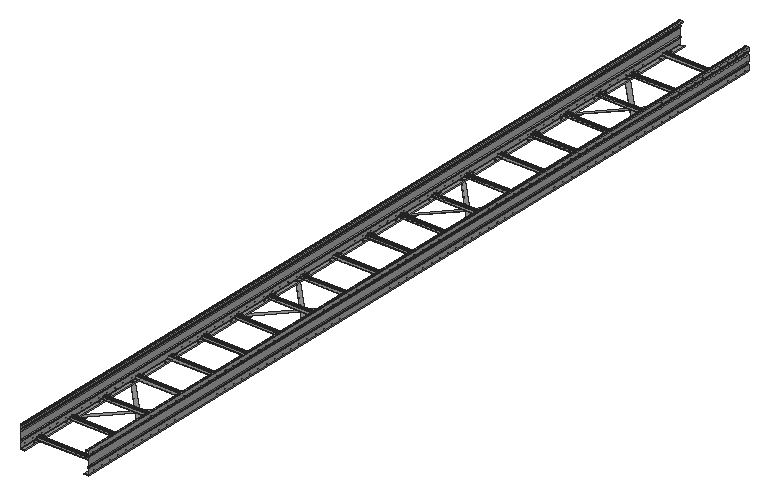
Revit family "Weitspannkabelleiter-WKLG 1650gelochter Seitenholm, FS,FT,FT SO,A4", category Generic Models, Revit 2017 (continued)
Forms (mm)
  Extrusion 166, void
    sketch origin (0, 225, 0) x (0, 1, 0) y (0, 0, 1)
      loop
        line (25.5, 135.499) -> (49.5, 135.499)
        arc (49.5, 135.499) -> (49.854, 135.645) -> (50, 135.999) r 0.5
        line (50, 135.999) -> (50, 143.999)
        arc (50, 143.999) -> (49.854, 144.352) -> (49.5, 144.499) r 0.5
        line (49.5, 144.499) -> (25.5, 144.499)
    from 248 to 250
  Extrusion 167, void
    sketch origin (0, 300, 0) x (0, 1, 0) y (0, 0, 1)
      loop
        arc (25.5, 144.499) -> (25.146, 144.352) -> (25, 143.999) r 0.5
        line (25, 143.999) -> (25, 135.999)
        arc (25, 135.999) -> (25.146, 135.645) -> (25.5, 135.499) r 0.5
        line (25.5, 135.499) -> (49.5, 135.499)
        arc (49.5, 135.499) -> (49.854, 135.645) -> (50, 135.999) r 0.5
        line (50, 135.999) -> (50, 143.999)
        arc (50, 143.999) -> (49.854, 144.352) -> (49.5, 144.499) r 0.5
        line (49.5, 144.499) -> (25.5, 144.499)
    from 248 to 250
  Extrusion 168, void
    sketch origin (0, 375, 0) x (0, 1, 0) y (0, 0, 1)
      loop
        arc (25.5, 144.499) -> (25.146, 144.352) -> (25, 143.999) r 0.5
        line (25, 143.999) -> (25, 135.999)
        arc (25, 135.999) -> (25.146, 135.645) -> (25.5, 135.499) r 0.5
        line (25.5, 135.499) -> (49.5, 135.499)
        arc (49.5, 135.499) -> (49.854, 135.645) -> (50, 135.999) r 0.5
        line (50, 135.999) -> (50, 143.999)
        arc (50, 143.999) -> (49.854, 144.352) -> (49.5, 144.499) r 0.5
        line (49.5, 144.499) -> (25.5, 144.499)
    from 248 to 250
  Extrusion 169, void
    sketch origin (0, 450, 0) x (0, 1, 0) y (0, 0, 1)
      loop
        arc (25.5, 144.499) -> (25.146, 144.352) -> (25, 143.999) r 0.5
        line (25, 143.999) -> (25, 135.999)
        arc (25, 135.999) -> (25.146, 135.645) -> (25.5, 135.499) r 0.5
        line (25.5, 135.499) -> (49.5, 135.499)
        arc (49.5, 135.499) -> (49.854, 135.645) -> (50, 135.999) r 0.5
        line (50, 135.999) -> (50, 143.999)
        arc (50, 143.999) -> (49.854, 144.352) -> (49.5, 144.499) r 0.5
        line (49.5, 144.499) -> (25.5, 144.499)
    from 248 to 250
  Extrusion 170, void
    sketch origin (0, 525, 0) x (0, 1, 0) y (0, 0, 1)
      loop
        arc (25.5, 144.499) -> (25.146, 144.352) -> (25, 143.999) r 0.5
        line (25, 143.999) -> (25, 135.999)
        arc (25, 135.999) -> (25.146, 135.645) -> (25.5, 135.499) r 0.5
        line (25.5, 135.499) -> (49.5, 135.499)
        arc (49.5, 135.499) -> (49.854, 135.645) -> (50, 135.999) r 0.5
        line (50, 135.999) -> (50, 143.999)
        arc (50, 143.999) -> (49.854, 144.352) -> (49.5, 144.499) r 0.5
        line (49.5, 144.499) -> (25.5, 144.499)
    from 248 to 250
  Extrusion 171, void
    sketch origin (0, 600, 0) x (0, 1, 0) y (0, 0, 1)
      loop
        arc (25.5, 144.499) -> (25.146, 144.352) -> (25, 143.999) r 0.5
        line (25, 143.999) -> (25, 135.999)
        arc (25, 135.999) -> (25.146, 135.645) -> (25.5, 135.499) r 0.5
        line (25.5, 135.499) -> (49.5, 135.499)
        arc (49.5, 135.499) -> (49.854, 135.645) -> (50, 135.999) r 0.5
        line (50, 135.999) -> (50, 143.999)
        arc (50, 143.999) -> (49.854, 144.352) -> (49.5, 144.499) r 0.5
        line (49.5, 144.499) -> (25.5, 144.499)
    from 248 to 250
  Extrusion 172, void
    sketch origin (0, 675, 0) x (0, 1, 0) y (0, 0, 1)
      loop
        arc (25.5, 144.499) -> (25.146, 144.352) -> (25, 143.999) r 0.5
        line (25, 143.999) -> (25, 135.999)
        arc (25, 135.999) -> (25.146, 135.645) -> (25.5, 135.499) r 0.5
        line (25.5, 135.499) -> (49.5, 135.499)
        arc (49.5, 135.499) -> (49.854, 135.645) -> (50, 135.999) r 0.5
        line (50, 135.999) -> (50, 143.999)
        arc (50, 143.999) -> (49.854, 144.352) -> (49.5, 144.499) r 0.5
        line (49.5, 144.499) -> (25.5, 144.499)
    from 248 to 250
  Extrusion 173, void
    sketch origin (0, 750, 0) x (0, 1, 0) y (0, 0, 1)
      loop
        arc (25.5, 144.499) -> (25.146, 144.352) -> (25, 143.999) r 0.5
        line (25, 143.999) -> (25, 135.999)
        arc (25, 135.999) -> (25.146, 135.645) -> (25.5, 135.499) r 0.5
        line (25.5, 135.499) -> (49.5, 135.499)
        arc (49.5, 135.499) -> (49.854, 135.645) -> (50, 135.999) r 0.5
        line (50, 135.999) -> (50, 143.999)
        arc (50, 143.999) -> (49.854, 144.352) -> (49.5, 144.499) r 0.5
        line (49.5, 144.499) -> (25.5, 144.499)
    from 248 to 250
  Extrusion 174, void
    sketch origin (0, 825, 0) x (0, 1, 0) y (0, 0, 1)
      loop
        arc (25.5, 144.499) -> (25.146, 144.352) -> (25, 143.999) r 0.5
        line (25, 143.999) -> (25, 135.999)
        arc (25, 135.999) -> (25.146, 135.645) -> (25.5, 135.499) r 0.5
        line (25.5, 135.499) -> (49.5, 135.499)
        arc (49.5, 135.499) -> (49.854, 135.645) -> (50, 135.999) r 0.5
        line (50, 135.999) -> (50, 143.999)
        arc (50, 143.999) -> (49.854, 144.352) -> (49.5, 144.499) r 0.5
        line (49.5, 144.499) -> (25.5, 144.499)
    from 248 to 250
  Extrusion 175, void
    sketch origin (0, 900, 0) x (0, 1, 0) y (0, 0, 1)
      loop
        arc (25.5, 144.499) -> (25.146, 144.352) -> (25, 143.999) r 0.5
        line (25, 143.999) -> (25, 135.999)
        arc (25, 135.999) -> (25.146, 135.645) -> (25.5, 135.499) r 0.5
        line (25.5, 135.499) -> (49.5, 135.499)
        arc (49.5, 135.499) -> (49.854, 135.645) -> (50, 135.999) r 0.5
        line (50, 135.999) -> (50, 143.999)
        arc (50, 143.999) -> (49.854, 144.352) -> (49.5, 144.499) r 0.5
        line (49.5, 144.499) -> (25.5, 144.499)
    from 248 to 250
  Extrusion 176, void
    sketch origin (0, 975, 0) x (0, 1, 0) y (0, 0, 1)
      loop
        arc (25.5, 144.499) -> (25.146, 144.352) -> (25, 143.999) r 0.5
        line (25, 143.999) -> (25, 135.999)
        arc (25, 135.999) -> (25.146, 135.645) -> (25.5, 135.499) r 0.5
        line (25.5, 135.499) -> (49.5, 135.499)
        arc (49.5, 135.499) -> (49.854, 135.645) -> (50, 135.999) r 0.5
        line (50, 135.999) -> (50, 143.999)
        arc (50, 143.999) -> (49.854, 144.352) -> (49.5, 144.499) r 0.5
        line (49.5, 144.499) -> (25.5, 144.499)
    from 248 to 250
  Extrusion 177, void
    sketch origin (0, 1050, 0) x (0, 1, 0) y (0, 0, 1)
      loop
        arc (25.5, 144.499) -> (25.146, 144.352) -> (25, 143.999) r 0.5
        line (25, 143.999) -> (25, 135.999)
        arc (25, 135.999) -> (25.146, 135.645) -> (25.5, 135.499) r 0.5
        line (25.5, 135.499) -> (49.5, 135.499)
        arc (49.5, 135.499) -> (49.854, 135.645) -> (50, 135.999) r 0.5
        line (50, 135.999) -> (50, 143.999)
        arc (50, 143.999) -> (49.854, 144.352) -> (49.5, 144.499) r 0.5
        line (49.5, 144.499) -> (25.5, 144.499)
    from 248 to 250
  Extrusion 178, void
    sketch origin (0, 1125, 0) x (0, 1, 0) y (0, 0, 1)
      loop
        arc (25.5, 144.499) -> (25.146, 144.352) -> (25, 143.999) r 0.5
        line (25, 143.999) -> (25, 135.999)
        arc (25, 135.999) -> (25.146, 135.645) -> (25.5, 135.499) r 0.5
        line (25.5, 135.499) -> (49.5, 135.499)
        arc (49.5, 135.499) -> (49.854, 135.645) -> (50, 135.999) r 0.5
        line (50, 135.999) -> (50, 143.999)
        arc (50, 143.999) -> (49.854, 144.352) -> (49.5, 144.499) r 0.5
        line (49.5, 144.499) -> (25.5, 144.499)
    from 248 to 250
  Extrusion 179, void
    sketch origin (0, 1200, 0) x (0, 1, 0) y (0, 0, 1)
      loop
        arc (25.5, 144.499) -> (25.146, 144.352) -> (25, 143.999) r 0.5
        line (25, 143.999) -> (25, 135.999)
        arc (25, 135.999) -> (25.146, 135.645) -> (25.5, 135.499) r 0.5
        line (25.5, 135.499) -> (49.5, 135.499)
        arc (49.5, 135.499) -> (49.854, 135.645) -> (50, 135.999) r 0.5
        line (50, 135.999) -> (50, 143.999)
        arc (50, 143.999) -> (49.854, 144.352) -> (49.5, 144.499) r 0.5
        line (49.5, 144.499) -> (25.5, 144.499)
    from 248 to 250
  Extrusion 180, void
    sketch origin (0, 1275, 0) x (0, 1, 0) y (0, 0, 1)
      loop
        arc (25.5, 144.499) -> (25.146, 144.352) -> (25, 143.999) r 0.5
        line (25, 143.999) -> (25, 135.999)
        arc (25, 135.999) -> (25.146, 135.645) -> (25.5, 135.499) r 0.5
        line (25.5, 135.499) -> (49.5, 135.499)
        arc (49.5, 135.499) -> (49.854, 135.645) -> (50, 135.999) r 0.5
        line (50, 135.999) -> (50, 143.999)
        arc (50, 143.999) -> (49.854, 144.352) -> (49.5, 144.499) r 0.5
        line (49.5, 144.499) -> (25.5, 144.499)
    from 248 to 250
  Extrusion 181, void
    sketch origin (0, 1350, 0) x (0, 1, 0) y (0, 0, 1)
      loop
        arc (25.5, 144.499) -> (25.146, 144.352) -> (25, 143.999) r 0.5
        line (25, 143.999) -> (25, 135.999)
        arc (25, 135.999) -> (25.146, 135.645) -> (25.5, 135.499) r 0.5
        line (25.5, 135.499) -> (49.5, 135.499)
        arc (49.5, 135.499) -> (49.854, 135.645) -> (50, 135.999) r 0.5
        line (50, 135.999) -> (50, 143.999)
        arc (50, 143.999) -> (49.854, 144.352) -> (49.5, 144.499) r 0.5
        line (49.5, 144.499) -> (25.5, 144.499)
    from 248 to 250
  Extrusion 182, void
    sketch origin (0, 1425, 0) x (0, 1, 0) y (0, 0, 1)
      loop
        arc (25.5, 144.499) -> (25.146, 144.352) -> (25, 143.999) r 0.5
        line (25, 143.999) -> (25, 135.999)
        arc (25, 135.999) -> (25.146, 135.645) -> (25.5, 135.499) r 0.5
        line (25.5, 135.499) -> (49.5, 135.499)
        arc (49.5, 135.499) -> (49.854, 135.645) -> (50, 135.999) r 0.5
        line (50, 135.999) -> (50, 143.999)
        arc (50, 143.999) -> (49.854, 144.352) -> (49.5, 144.499) r 0.5
        line (49.5, 144.499) -> (25.5, 144.499)
    from 248 to 250
  Extrusion 183, void
    sketch origin (0, 1500, 0) x (0, 1, 0) y (0, 0, 1)
      loop
        arc (25.5, 144.499) -> (25.146, 144.352) -> (25, 143.999) r 0.5
        line (25, 143.999) -> (25, 135.999)
        arc (25, 135.999) -> (25.146, 135.645) -> (25.5, 135.499) r 0.5
        line (25.5, 135.499) -> (49.5, 135.499)
        arc (49.5, 135.499) -> (49.854, 135.645) -> (50, 135.999) r 0.5
        line (50, 135.999) -> (50, 143.999)
        arc (50, 143.999) -> (49.854, 144.352) -> (49.5, 144.499) r 0.5
        line (49.5, 144.499) -> (25.5, 144.499)
    from 248 to 250
  Extrusion 184, void
    sketch origin (0, 1575, 0) x (0, 1, 0) y (0, 0, 1)
      loop
        arc (25.5, 144.499) -> (25.146, 144.352) -> (25, 143.999) r 0.5
        line (25, 143.999) -> (25, 135.999)
        arc (25, 135.999) -> (25.146, 135.645) -> (25.5, 135.499) r 0.5
        line (25.5, 135.499) -> (49.5, 135.499)
        arc (49.5, 135.499) -> (49.854, 135.645) -> (50, 135.999) r 0.5
        line (50, 135.999) -> (50, 143.999)
        arc (50, 143.999) -> (49.854, 144.352) -> (49.5, 144.499) r 0.5
        line (49.5, 144.499) -> (25.5, 144.499)
    from 248 to 250
  Extrusion 185, void
    sketch origin (0, 1650, 0) x (0, 1, 0) y (0, 0, 1)
      loop
        arc (25.5, 144.499) -> (25.146, 144.352) -> (25, 143.999) r 0.5
        line (25, 143.999) -> (25, 135.999)
        arc (25, 135.999) -> (25.146, 135.645) -> (25.5, 135.499) r 0.5
        line (25.5, 135.499) -> (49.5, 135.499)
        arc (49.5, 135.499) -> (49.854, 135.645) -> (50, 135.999) r 0.5
        line (50, 135.999) -> (50, 143.999)
        arc (50, 143.999) -> (49.854, 144.352) -> (49.5, 144.499) r 0.5
        line (49.5, 144.499) -> (25.5, 144.499)
    from 248 to 250
  Extrusion 186, void
    sketch origin (0, 1725, 0) x (0, 1, 0) y (0, 0, 1)
      loop
        arc (25.5, 144.499) -> (25.146, 144.352) -> (25, 143.999) r 0.5
        line (25, 143.999) -> (25, 135.999)
        arc (25, 135.999) -> (25.146, 135.645) -> (25.5, 135.499) r 0.5
        line (25.5, 135.499) -> (49.5, 135.499)
        arc (49.5, 135.499) -> (49.854, 135.645) -> (50, 135.999) r 0.5
        line (50, 135.999) -> (50, 143.999)
        arc (50, 143.999) -> (49.854, 144.352) -> (49.5, 144.499) r 0.5
        line (49.5, 144.499) -> (25.5, 144.499)
    from 248 to 250
  Extrusion 187, void
    sketch origin (0, 1800, 0) x (0, 1, 0) y (0, 0, 1)
      loop
        arc (25.5, 144.499) -> (25.146, 144.352) -> (25, 143.999) r 0.5
        line (25, 143.999) -> (25, 135.999)
        arc (25, 135.999) -> (25.146, 135.645) -> (25.5, 135.499) r 0.5
        line (25.5, 135.499) -> (49.5, 135.499)
        arc (49.5, 135.499) -> (49.854, 135.645) -> (50, 135.999) r 0.5
        line (50, 135.999) -> (50, 143.999)
        arc (50, 143.999) -> (49.854, 144.352) -> (49.5, 144.499) r 0.5
        line (49.5, 144.499) -> (25.5, 144.499)
    from 248 to 250
  Extrusion 188, void
    sketch origin (0, 1875, 0) x (0, 1, 0) y (0, 0, 1)
      loop
        arc (25.5, 144.499) -> (25.146, 144.352) -> (25, 143.999) r 0.5
        line (25, 143.999) -> (25, 135.999)
        arc (25, 135.999) -> (25.146, 135.645) -> (25.5, 135.499) r 0.5
        line (25.5, 135.499) -> (49.5, 135.499)
        arc (49.5, 135.499) -> (49.854, 135.645) -> (50, 135.999) r 0.5
        line (50, 135.999) -> (50, 143.999)
        arc (50, 143.999) -> (49.854, 144.352) -> (49.5, 144.499) r 0.5
        line (49.5, 144.499) -> (25.5, 144.499)
    from 248 to 250
  Extrusion 189, void
    sketch origin (0, 1950, 0) x (0, 1, 0) y (0, 0, 1)
      loop
        arc (25.5, 144.499) -> (25.146, 144.352) -> (25, 143.999) r 0.5
        line (25, 143.999) -> (25, 135.999)
        arc (25, 135.999) -> (25.146, 135.645) -> (25.5, 135.499) r 0.5
        line (25.5, 135.499) -> (49.5, 135.499)
        arc (49.5, 135.499) -> (49.854, 135.645) -> (50, 135.999) r 0.5
        line (50, 135.999) -> (50, 143.999)
        arc (50, 143.999) -> (49.854, 144.352) -> (49.5, 144.499) r 0.5
        line (49.5, 144.499) -> (25.5, 144.499)
    from 248 to 250
  Extrusion 190, void
    sketch origin (0, 2025, 0) x (0, 1, 0) y (0, 0, 1)
      loop
        arc (25.5, 144.499) -> (25.146, 144.352) -> (25, 143.999) r 0.5
        line (25, 143.999) -> (25, 135.999)
        arc (25, 135.999) -> (25.146, 135.645) -> (25.5, 135.499) r 0.5
        line (25.5, 135.499) -> (49.5, 135.499)
        arc (49.5, 135.499) -> (49.854, 135.645) -> (50, 135.999) r 0.5
        line (50, 135.999) -> (50, 143.999)
        arc (50, 143.999) -> (49.854, 144.352) -> (49.5, 144.499) r 0.5
        line (49.5, 144.499) -> (25.5, 144.499)
    from 248 to 250
  Extrusion 191, void
    sketch origin (0, 2100, 0) x (0, 1, 0) y (0, 0, 1)
      loop
        arc (25.5, 144.499) -> (25.146, 144.352) -> (25, 143.999) r 0.5
        line (25, 143.999) -> (25, 135.999)
        arc (25, 135.999) -> (25.146, 135.645) -> (25.5, 135.499) r 0.5
        line (25.5, 135.499) -> (49.5, 135.499)
        arc (49.5, 135.499) -> (49.854, 135.645) -> (50, 135.999) r 0.5
        line (50, 135.999) -> (50, 143.999)
        arc (50, 143.999) -> (49.854, 144.352) -> (49.5, 144.499) r 0.5
        line (49.5, 144.499) -> (25.5, 144.499)
    from 248 to 250
  Extrusion 192, void
    sketch origin (0, 2175, 0) x (0, 1, 0) y (0, 0, 1)
      loop
        arc (25.5, 144.499) -> (25.146, 144.352) -> (25, 143.999) r 0.5
        line (25, 143.999) -> (25, 135.999)
        arc (25, 135.999) -> (25.146, 135.645) -> (25.5, 135.499) r 0.5
        line (25.5, 135.499) -> (49.5, 135.499)
        arc (49.5, 135.499) -> (49.854, 135.645) -> (50, 135.999) r 0.5
        line (50, 135.999) -> (50, 143.999)
        arc (50, 143.999) -> (49.854, 144.352) -> (49.5, 144.499) r 0.5
        line (49.5, 144.499) -> (25.5, 144.499)
    from 248 to 250
  Extrusion 193, void
    sketch origin (0, 2250, 0) x (0, 1, 0) y (0, 0, 1)
      loop
        arc (25.5, 144.499) -> (25.146, 144.352) -> (25, 143.999) r 0.5
        line (25, 143.999) -> (25, 135.999)
        arc (25, 135.999) -> (25.146, 135.645) -> (25.5, 135.499) r 0.5
        line (25.5, 135.499) -> (49.5, 135.499)
        arc (49.5, 135.499) -> (49.854, 135.645) -> (50, 135.999) r 0.5
        line (50, 135.999) -> (50, 143.999)
        arc (50, 143.999) -> (49.854, 144.352) -> (49.5, 144.499) r 0.5
        line (49.5, 144.499) -> (25.5, 144.499)
    from 248 to 250
  Extrusion 194, void
    sketch origin (0, 2325, 0) x (0, 1, 0) y (0, 0, 1)
      loop
        arc (25.5, 144.499) -> (25.146, 144.352) -> (25, 143.999) r 0.5
        line (25, 143.999) -> (25, 135.999)
        arc (25, 135.999) -> (25.146, 135.645) -> (25.5, 135.499) r 0.5
        line (25.5, 135.499) -> (49.5, 135.499)
        arc (49.5, 135.499) -> (49.854, 135.645) -> (50, 135.999) r 0.5
        line (50, 135.999) -> (50, 143.999)
        arc (50, 143.999) -> (49.854, 144.352) -> (49.5, 144.499) r 0.5
        line (49.5, 144.499) -> (25.5, 144.499)
    from 248 to 250
  Extrusion 195, void
    sketch origin (0, 2400, 0) x (0, 1, 0) y (0, 0, 1)
      loop
        arc (25.5, 144.499) -> (25.146, 144.352) -> (25, 143.999) r 0.5
        line (25, 143.999) -> (25, 135.999)
        arc (25, 135.999) -> (25.146, 135.645) -> (25.5, 135.499) r 0.5
        line (25.5, 135.499) -> (49.5, 135.499)
        arc (49.5, 135.499) -> (49.854, 135.645) -> (50, 135.999) r 0.5
        line (50, 135.999) -> (50, 143.999)
        arc (50, 143.999) -> (49.854, 144.352) -> (49.5, 144.499) r 0.5
        line (49.5, 144.499) -> (25.5, 144.499)
    from 248 to 250
  Extrusion 196, void
    sketch origin (0, 2475, 0) x (0, 1, 0) y (0, 0, 1)
      loop
        arc (25.5, 144.499) -> (25.146, 144.352) -> (25, 143.999) r 0.5
        line (25, 143.999) -> (25, 135.999)
        arc (25, 135.999) -> (25.146, 135.645) -> (25.5, 135.499) r 0.5
        line (25.5, 135.499) -> (49.5, 135.499)
        arc (49.5, 135.499) -> (49.854, 135.645) -> (50, 135.999) r 0.5
        line (50, 135.999) -> (50, 143.999)
        arc (50, 143.999) -> (49.854, 144.352) -> (49.5, 144.499) r 0.5
        line (49.5, 144.499) -> (25.5, 144.499)
    from 248 to 250
  Extrusion 197, void
    sketch origin (0, 2550, 0) x (0, 1, 0) y (0, 0, 1)
      loop
        arc (25.5, 144.499) -> (25.146, 144.352) -> (25, 143.999) r 0.5
        line (25, 143.999) -> (25, 135.999)
        arc (25, 135.999) -> (25.146, 135.645) -> (25.5, 135.499) r 0.5
        line (25.5, 135.499) -> (49.5, 135.499)
        arc (49.5, 135.499) -> (49.854, 135.645) -> (50, 135.999) r 0.5
        line (50, 135.999) -> (50, 143.999)
        arc (50, 143.999) -> (49.854, 144.352) -> (49.5, 144.499) r 0.5
        line (49.5, 144.499) -> (25.5, 144.499)
    from 248 to 250
  Extrusion 198, void
    sketch origin (0, 2625, 0) x (0, 1, 0) y (0, 0, 1)
      loop
        arc (25.5, 144.499) -> (25.146, 144.352) -> (25, 143.999) r 0.5
        line (25, 143.999) -> (25, 135.999)
        arc (25, 135.999) -> (25.146, 135.645) -> (25.5, 135.499) r 0.5
        line (25.5, 135.499) -> (49.5, 135.499)
        arc (49.5, 135.499) -> (49.854, 135.645) -> (50, 135.999) r 0.5
        line (50, 135.999) -> (50, 143.999)
        arc (50, 143.999) -> (49.854, 144.352) -> (49.5, 144.499) r 0.5
        line (49.5, 144.499) -> (25.5, 144.499)
    from 248 to 250
  Extrusion 199, void
    sketch origin (0, 2700, 0) x (0, 1, 0) y (0, 0, 1)
      loop
        arc (25.5, 144.499) -> (25.146, 144.352) -> (25, 143.999) r 0.5
        line (25, 143.999) -> (25, 135.999)
        arc (25, 135.999) -> (25.146, 135.645) -> (25.5, 135.499) r 0.5
        line (25.5, 135.499) -> (49.5, 135.499)
        arc (49.5, 135.499) -> (49.854, 135.645) -> (50, 135.999) r 0.5
        line (50, 135.999) -> (50, 143.999)
        arc (50, 143.999) -> (49.854, 144.352) -> (49.5, 144.499) r 0.5
        line (49.5, 144.499) -> (25.5, 144.499)
    from 248 to 250
  Extrusion 200, void
    sketch origin (0, 2775, 0) x (0, 1, 0) y (0, 0, 1)
      loop
        arc (25.5, 144.499) -> (25.146, 144.352) -> (25, 143.999) r 0.5
        line (25, 143.999) -> (25, 135.999)
        arc (25, 135.999) -> (25.146, 135.645) -> (25.5, 135.499) r 0.5
        line (25.5, 135.499) -> (49.5, 135.499)
        arc (49.5, 135.499) -> (49.854, 135.645) -> (50, 135.999) r 0.5
        line (50, 135.999) -> (50, 143.999)
        arc (50, 143.999) -> (49.854, 144.352) -> (49.5, 144.499) r 0.5
        line (49.5, 144.499) -> (25.5, 144.499)
    from 248 to 250
  Extrusion 201, void
    sketch origin (0, 2850, 0) x (0, 1, 0) y (0, 0, 1)
      loop
        arc (25.5, 144.499) -> (25.146, 144.352) -> (25, 143.999) r 0.5
        line (25, 143.999) -> (25, 135.999)
        arc (25, 135.999) -> (25.146, 135.645) -> (25.5, 135.499) r 0.5
        line (25.5, 135.499) -> (49.5, 135.499)
        arc (49.5, 135.499) -> (49.854, 135.645) -> (50, 135.999) r 0.5
        line (50, 135.999) -> (50, 143.999)
        arc (50, 143.999) -> (49.854, 144.352) -> (49.5, 144.499) r 0.5
        line (49.5, 144.499) -> (25.5, 144.499)
    from 248 to 250
  Extrusion 202, void
    sketch origin (0, 2925, 0) x (0, 1, 0) y (0, 0, 1)
      loop
        arc (25.5, 144.499) -> (25.146, 144.352) -> (25, 143.999) r 0.5
        line (25, 143.999) -> (25, 135.999)
        arc (25, 135.999) -> (25.146, 135.645) -> (25.5, 135.499) r 0.5
        line (25.5, 135.499) -> (49.5, 135.499)
        arc (49.5, 135.499) -> (49.854, 135.645) -> (50, 135.999) r 0.5
        line (50, 135.999) -> (50, 143.999)
        arc (50, 143.999) -> (49.854, 144.352) -> (49.5, 144.499) r 0.5
        line (49.5, 144.499) -> (25.5, 144.499)
    from 248 to 250
  Extrusion 203, void
    sketch origin (0, 3000, 0) x (0, 1, 0) y (0, 0, 1)
      loop
        arc (25.5, 144.499) -> (25.146, 144.352) -> (25, 143.999) r 0.5
        line (25, 143.999) -> (25, 135.999)
        arc (25, 135.999) -> (25.146, 135.645) -> (25.5, 135.499) r 0.5
        line (25.5, 135.499) -> (49.5, 135.499)
        arc (49.5, 135.499) -> (49.854, 135.645) -> (50, 135.999) r 0.5
        line (50, 135.999) -> (50, 143.999)
        arc (50, 143.999) -> (49.854, 144.352) -> (49.5, 144.499) r 0.5
        line (49.5, 144.499) -> (25.5, 144.499)
    from 248 to 250
  Extrusion 204, void
    sketch origin (0, 3075, 0) x (0, 1, 0) y (0, 0, 1)
      loop
        arc (25.5, 144.499) -> (25.146, 144.352) -> (25, 143.999) r 0.5
        line (25, 143.999) -> (25, 135.999)
        arc (25, 135.999) -> (25.146, 135.645) -> (25.5, 135.499) r 0.5
        line (25.5, 135.499) -> (49.5, 135.499)
        arc (49.5, 135.499) -> (49.854, 135.645) -> (50, 135.999) r 0.5
        line (50, 135.999) -> (50, 143.999)
        arc (50, 143.999) -> (49.854, 144.352) -> (49.5, 144.499) r 0.5
        line (49.5, 144.499) -> (25.5, 144.499)
    from 248 to 250
  Extrusion 205, void
    sketch origin (0, 3150, 0) x (0, 1, 0) y (0, 0, 1)
      loop
        arc (25.5, 144.499) -> (25.146, 144.352) -> (25, 143.999) r 0.5
        line (25, 143.999) -> (25, 135.999)
        arc (25, 135.999) -> (25.146, 135.645) -> (25.5, 135.499) r 0.5
        line (25.5, 135.499) -> (49.5, 135.499)
        arc (49.5, 135.499) -> (49.854, 135.645) -> (50, 135.999) r 0.5
        line (50, 135.999) -> (50, 143.999)
        arc (50, 143.999) -> (49.854, 144.352) -> (49.5, 144.499) r 0.5
        line (49.5, 144.499) -> (25.5, 144.499)
    from 248 to 250
  Extrusion 206, void
    sketch origin (0, 3225, 0) x (0, 1, 0) y (0, 0, 1)
      loop
        arc (25.5, 144.499) -> (25.146, 144.352) -> (25, 143.999) r 0.5
        line (25, 143.999) -> (25, 135.999)
        arc (25, 135.999) -> (25.146, 135.645) -> (25.5, 135.499) r 0.5
        line (25.5, 135.499) -> (49.5, 135.499)
        arc (49.5, 135.499) -> (49.854, 135.645) -> (50, 135.999) r 0.5
        line (50, 135.999) -> (50, 143.999)
        arc (50, 143.999) -> (49.854, 144.352) -> (49.5, 144.499) r 0.5
        line (49.5, 144.499) -> (25.5, 144.499)
    from 248 to 250
  Extrusion 207, void
    sketch origin (0, 3300, 0) x (0, 1, 0) y (0, 0, 1)
      loop
        arc (25.5, 144.499) -> (25.146, 144.352) -> (25, 143.999) r 0.5
        line (25, 143.999) -> (25, 135.999)
        arc (25, 135.999) -> (25.146, 135.645) -> (25.5, 135.499) r 0.5
        line (25.5, 135.499) -> (49.5, 135.499)
        arc (49.5, 135.499) -> (49.854, 135.645) -> (50, 135.999) r 0.5
        line (50, 135.999) -> (50, 143.999)
        arc (50, 143.999) -> (49.854, 144.352) -> (49.5, 144.499) r 0.5
        line (49.5, 144.499) -> (25.5, 144.499)
    from 248 to 250
  Extrusion 208, void
    sketch origin (0, 3375, 0) x (0, 1, 0) y (0, 0, 1)
      loop
        arc (25.5, 144.499) -> (25.146, 144.352) -> (25, 143.999) r 0.5
        line (25, 143.999) -> (25, 135.999)
        arc (25, 135.999) -> (25.146, 135.645) -> (25.5, 135.499) r 0.5
        line (25.5, 135.499) -> (49.5, 135.499)
        arc (49.5, 135.499) -> (49.854, 135.645) -> (50, 135.999) r 0.5
        line (50, 135.999) -> (50, 143.999)
        arc (50, 143.999) -> (49.854, 144.352) -> (49.5, 144.499) r 0.5
        line (49.5, 144.499) -> (25.5, 144.499)
    from 248 to 250
  Extrusion 209, void
    sketch origin (0, 3450, 0) x (0, 1, 0) y (0, 0, 1)
      loop
        arc (25.5, 144.499) -> (25.146, 144.352) -> (25, 143.999) r 0.5
        line (25, 143.999) -> (25, 135.999)
        arc (25, 135.999) -> (25.146, 135.645) -> (25.5, 135.499) r 0.5
        line (25.5, 135.499) -> (49.5, 135.499)
        arc (49.5, 135.499) -> (49.854, 135.645) -> (50, 135.999) r 0.5
        line (50, 135.999) -> (50, 143.999)
        arc (50, 143.999) -> (49.854, 144.352) -> (49.5, 144.499) r 0.5
        line (49.5, 144.499) -> (25.5, 144.499)
    from 248 to 250
  Extrusion 210, void
    sketch origin (0, 3525, 0) x (0, 1, 0) y (0, 0, 1)
      loop
        arc (25.5, 144.499) -> (25.146, 144.352) -> (25, 143.999) r 0.5
        line (25, 143.999) -> (25, 135.999)
        arc (25, 135.999) -> (25.146, 135.645) -> (25.5, 135.499) r 0.5
        line (25.5, 135.499) -> (49.5, 135.499)
        arc (49.5, 135.499) -> (49.854, 135.645) -> (50, 135.999) r 0.5
        line (50, 135.999) -> (50, 143.999)
        arc (50, 143.999) -> (49.854, 144.352) -> (49.5, 144.499) r 0.5
        line (49.5, 144.499) -> (25.5, 144.499)
    from 248 to 250
  Extrusion 211, void
    sketch origin (0, 3600, 0) x (0, 1, 0) y (0, 0, 1)
      loop
        arc (25.5, 144.499) -> (25.146, 144.352) -> (25, 143.999) r 0.5
        line (25, 143.999) -> (25, 135.999)
        arc (25, 135.999) -> (25.146, 135.645) -> (25.5, 135.499) r 0.5
        line (25.5, 135.499) -> (49.5, 135.499)
        arc (49.5, 135.499) -> (49.854, 135.645) -> (50, 135.999) r 0.5
        line (50, 135.999) -> (50, 143.999)
        arc (50, 143.999) -> (49.854, 144.352) -> (49.5, 144.499) r 0.5
        line (49.5, 144.499) -> (25.5, 144.499)
    from 248 to 250
  Extrusion 212, void
    sketch origin (0, 3675, 0) x (0, 1, 0) y (0, 0, 1)
      loop
        arc (25.5, 144.499) -> (25.146, 144.352) -> (25, 143.999) r 0.5
        line (25, 143.999) -> (25, 135.999)
        arc (25, 135.999) -> (25.146, 135.645) -> (25.5, 135.499) r 0.5
        line (25.5, 135.499) -> (49.5, 135.499)
        arc (49.5, 135.499) -> (49.854, 135.645) -> (50, 135.999) r 0.5
        line (50, 135.999) -> (50, 143.999)
        arc (50, 143.999) -> (49.854, 144.352) -> (49.5, 144.499) r 0.5
        line (49.5, 144.499) -> (25.5, 144.499)
    from 248 to 250
  Extrusion 213, void
    sketch origin (0, 3750, 0) x (0, 1, 0) y (0, 0, 1)
      loop
        arc (25.5, 144.499) -> (25.146, 144.352) -> (25, 143.999) r 0.5
        line (25, 143.999) -> (25, 135.999)
        arc (25, 135.999) -> (25.146, 135.645) -> (25.5, 135.499) r 0.5
        line (25.5, 135.499) -> (49.5, 135.499)
        arc (49.5, 135.499) -> (49.854, 135.645) -> (50, 135.999) r 0.5
        line (50, 135.999) -> (50, 143.999)
        arc (50, 143.999) -> (49.854, 144.352) -> (49.5, 144.499) r 0.5
        line (49.5, 144.499) -> (25.5, 144.499)
    from 248 to 250
  Extrusion 214, void
    sketch origin (0, 3825, 0) x (0, 1, 0) y (0, 0, 1)
      loop
        arc (25.5, 144.499) -> (25.146, 144.352) -> (25, 143.999) r 0.5
        line (25, 143.999) -> (25, 135.999)
        arc (25, 135.999) -> (25.146, 135.645) -> (25.5, 135.499) r 0.5
        line (25.5, 135.499) -> (49.5, 135.499)
        arc (49.5, 135.499) -> (49.854, 135.645) -> (50, 135.999) r 0.5
        line (50, 135.999) -> (50, 143.999)
        arc (50, 143.999) -> (49.854, 144.352) -> (49.5, 144.499) r 0.5
        line (49.5, 144.499) -> (25.5, 144.499)
    from 248 to 250
  Extrusion 215, void
    sketch origin (0, 3900, 0) x (0, 1, 0) y (0, 0, 1)
      loop
        arc (25.5, 144.499) -> (25.146, 144.352) -> (25, 143.999) r 0.5
        line (25, 143.999) -> (25, 135.999)
        arc (25, 135.999) -> (25.146, 135.645) -> (25.5, 135.499) r 0.5
        line (25.5, 135.499) -> (49.5, 135.499)
        arc (49.5, 135.499) -> (49.854, 135.645) -> (50, 135.999) r 0.5
        line (50, 135.999) -> (50, 143.999)
        arc (50, 143.999) -> (49.854, 144.352) -> (49.5, 144.499) r 0.5
        line (49.5, 144.499) -> (25.5, 144.499)
    from 248 to 250
  Extrusion 216, void
    sketch origin (0, 3975, 0) x (0, 1, 0) y (0, 0, 1)
      loop
        arc (25.5, 144.499) -> (25.146, 144.352) -> (25, 143.999) r 0.5
        line (25, 143.999) -> (25, 135.999)
        arc (25, 135.999) -> (25.146, 135.645) -> (25.5, 135.499) r 0.5
        line (25.5, 135.499) -> (49.5, 135.499)
        arc (49.5, 135.499) -> (49.854, 135.645) -> (50, 135.999) r 0.5
        line (50, 135.999) -> (50, 143.999)
        arc (50, 143.999) -> (49.854, 144.352) -> (49.5, 144.499) r 0.5
        line (49.5, 144.499) -> (25.5, 144.499)
    from 248 to 250
  Extrusion 217, void
    sketch origin (0, 4050, 0) x (0, 1, 0) y (0, 0, 1)
      loop
        arc (25.5, 144.499) -> (25.146, 144.352) -> (25, 143.999) r 0.5
        line (25, 143.999) -> (25, 135.999)
        arc (25, 135.999) -> (25.146, 135.645) -> (25.5, 135.499) r 0.5
        line (25.5, 135.499) -> (49.5, 135.499)
        arc (49.5, 135.499) -> (49.854, 135.645) -> (50, 135.999) r 0.5
        line (50, 135.999) -> (50, 143.999)
        arc (50, 143.999) -> (49.854, 144.352) -> (49.5, 144.499) r 0.5
        line (49.5, 144.499) -> (25.5, 144.499)
    from 248 to 250
  Extrusion 218, void
    sketch origin (0, 4125, 0) x (0, 1, 0) y (0, 0, 1)
      loop
        arc (25.5, 144.499) -> (25.146, 144.352) -> (25, 143.999) r 0.5
        line (25, 143.999) -> (25, 135.999)
        arc (25, 135.999) -> (25.146, 135.645) -> (25.5, 135.499) r 0.5
        line (25.5, 135.499) -> (49.5, 135.499)
        arc (49.5, 135.499) -> (49.854, 135.645) -> (50, 135.999) r 0.5
        line (50, 135.999) -> (50, 143.999)
        arc (50, 143.999) -> (49.854, 144.352) -> (49.5, 144.499) r 0.5
        line (49.5, 144.499) -> (25.5, 144.499)
    from 248 to 250
  Extrusion 219, void
    sketch origin (0, 4200, 0) x (0, 1, 0) y (0, 0, 1)
      loop
        arc (25.5, 144.499) -> (25.146, 144.352) -> (25, 143.999) r 0.5
        line (25, 143.999) -> (25, 135.999)
        arc (25, 135.999) -> (25.146, 135.645) -> (25.5, 135.499) r 0.5
        line (25.5, 135.499) -> (49.5, 135.499)
        arc (49.5, 135.499) -> (49.854, 135.645) -> (50, 135.999) r 0.5
        line (50, 135.999) -> (50, 143.999)
        arc (50, 143.999) -> (49.854, 144.352) -> (49.5, 144.499) r 0.5
        line (49.5, 144.499) -> (25.5, 144.499)
    from 248 to 250
  Extrusion 220, void
    sketch origin (0, 4275, 0) x (0, 1, 0) y (0, 0, 1)
      loop
        arc (25.5, 144.499) -> (25.146, 144.352) -> (25, 143.999) r 0.5
        line (25, 143.999) -> (25, 135.999)
        arc (25, 135.999) -> (25.146, 135.645) -> (25.5, 135.499) r 0.5
        line (25.5, 135.499) -> (49.5, 135.499)
        arc (49.5, 135.499) -> (49.854, 135.645) -> (50, 135.999) r 0.5
        line (50, 135.999) -> (50, 143.999)
        arc (50, 143.999) -> (49.854, 144.352) -> (49.5, 144.499) r 0.5
        line (49.5, 144.499) -> (25.5, 144.499)
    from 248 to 250
  Extrusion 221, void
    sketch origin (0, 4350, 0) x (0, 1, 0) y (0, 0, 1)
      loop
        arc (25.5, 144.499) -> (25.146, 144.352) -> (25, 143.999) r 0.5
        line (25, 143.999) -> (25, 135.999)
        arc (25, 135.999) -> (25.146, 135.645) -> (25.5, 135.499) r 0.5
        line (25.5, 135.499) -> (49.5, 135.499)
        arc (49.5, 135.499) -> (49.854, 135.645) -> (50, 135.999) r 0.5
        line (50, 135.999) -> (50, 143.999)
        arc (50, 143.999) -> (49.854, 144.352) -> (49.5, 144.499) r 0.5
        line (49.5, 144.499) -> (25.5, 144.499)
    from 248 to 250
  Extrusion 222, void
    sketch origin (0, 4425, 0) x (0, 1, 0) y (0, 0, 1)
      loop
        arc (25.5, 144.499) -> (25.146, 144.352) -> (25, 143.999) r 0.5
        line (25, 143.999) -> (25, 135.999)
        arc (25, 135.999) -> (25.146, 135.645) -> (25.5, 135.499) r 0.5
        line (25.5, 135.499) -> (49.5, 135.499)
        arc (49.5, 135.499) -> (49.854, 135.645) -> (50, 135.999) r 0.5
        line (50, 135.999) -> (50, 143.999)
        arc (50, 143.999) -> (49.854, 144.352) -> (49.5, 144.499) r 0.5
        line (49.5, 144.499) -> (25.5, 144.499)
    from 248 to 250
  Extrusion 223, void
    sketch origin (0, 4500, 0) x (0, 1, 0) y (0, 0, 1)
      loop
        arc (25.5, 144.499) -> (25.146, 144.352) -> (25, 143.999) r 0.5
        line (25, 143.999) -> (25, 135.999)
        arc (25, 135.999) -> (25.146, 135.645) -> (25.5, 135.499) r 0.5
        line (25.5, 135.499) -> (49.5, 135.499)
        arc (49.5, 135.499) -> (49.854, 135.645) -> (50, 135.999) r 0.5
        line (50, 135.999) -> (50, 143.999)
        arc (50, 143.999) -> (49.854, 144.352) -> (49.5, 144.499) r 0.5
        line (49.5, 144.499) -> (25.5, 144.499)
    from 248 to 250
  Extrusion 224, void
    sketch origin (0, 4575, 0) x (0, 1, 0) y (0, 0, 1)
      loop
        arc (25.5, 144.499) -> (25.146, 144.352) -> (25, 143.999) r 0.5
        line (25, 143.999) -> (25, 135.999)
        arc (25, 135.999) -> (25.146, 135.645) -> (25.5, 135.499) r 0.5
        line (25.5, 135.499) -> (49.5, 135.499)
        arc (49.5, 135.499) -> (49.854, 135.645) -> (50, 135.999) r 0.5
        line (50, 135.999) -> (50, 143.999)
        arc (50, 143.999) -> (49.854, 144.352) -> (49.5, 144.499) r 0.5
        line (49.5, 144.499) -> (25.5, 144.499)
    from 248 to 250
  Extrusion 225, void
    sketch origin (0, 4650, 0) x (0, 1, 0) y (0, 0, 1)
      loop
        arc (25.5, 144.499) -> (25.146, 144.352) -> (25, 143.999) r 0.5
        line (25, 143.999) -> (25, 135.999)
        arc (25, 135.999) -> (25.146, 135.645) -> (25.5, 135.499) r 0.5
        line (25.5, 135.499) -> (49.5, 135.499)
        arc (49.5, 135.499) -> (49.854, 135.645) -> (50, 135.999) r 0.5
        line (50, 135.999) -> (50, 143.999)
        arc (50, 143.999) -> (49.854, 144.352) -> (49.5, 144.499) r 0.5
        line (49.5, 144.499) -> (25.5, 144.499)
    from 248 to 250
  Extrusion 226, void
    sketch origin (0, 4725, 0) x (0, 1, 0) y (0, 0, 1)
      loop
        arc (25.5, 144.499) -> (25.146, 144.352) -> (25, 143.999) r 0.5
        line (25, 143.999) -> (25, 135.999)
        arc (25, 135.999) -> (25.146, 135.645) -> (25.5, 135.499) r 0.5
        line (25.5, 135.499) -> (49.5, 135.499)
        arc (49.5, 135.499) -> (49.854, 135.645) -> (50, 135.999) r 0.5
        line (50, 135.999) -> (50, 143.999)
        arc (50, 143.999) -> (49.854, 144.352) -> (49.5, 144.499) r 0.5
        line (49.5, 144.499) -> (25.5, 144.499)
    from 248 to 250
  Extrusion 227, void
    sketch origin (0, 4800, 0) x (0, 1, 0) y (0, 0, 1)
      loop
        arc (25.5, 144.499) -> (25.146, 144.352) -> (25, 143.999) r 0.5
        line (25, 143.999) -> (25, 135.999)
        arc (25, 135.999) -> (25.146, 135.645) -> (25.5, 135.499) r 0.5
        line (25.5, 135.499) -> (49.5, 135.499)
        arc (49.5, 135.499) -> (49.854, 135.645) -> (50, 135.999) r 0.5
        line (50, 135.999) -> (50, 143.999)
        arc (50, 143.999) -> (49.854, 144.352) -> (49.5, 144.499) r 0.5
        line (49.5, 144.499) -> (25.5, 144.499)
    from 248 to 250
  Extrusion 228, void
    sketch origin (0, 4875, 0) x (0, 1, 0) y (0, 0, 1)
      loop
        arc (25.5, 144.499) -> (25.146, 144.352) -> (25, 143.999) r 0.5
        line (25, 143.999) -> (25, 135.999)
        arc (25, 135.999) -> (25.146, 135.645) -> (25.5, 135.499) r 0.5
        line (25.5, 135.499) -> (49.5, 135.499)
        arc (49.5, 135.499) -> (49.854, 135.645) -> (50, 135.999) r 0.5
        line (50, 135.999) -> (50, 143.999)
        arc (50, 143.999) -> (49.854, 144.352) -> (49.5, 144.499) r 0.5
        line (49.5, 144.499) -> (25.5, 144.499)
    from 248 to 250
  Extrusion 229, void
    sketch origin (0, 4950, 0) x (0, 1, 0) y (0, 0, 1)
      loop
        arc (25.5, 144.499) -> (25.146, 144.352) -> (25, 143.999) r 0.5
        line (25, 143.999) -> (25, 135.999)
        arc (25, 135.999) -> (25.146, 135.645) -> (25.5, 135.499) r 0.5
        line (25.5, 135.499) -> (49.5, 135.499)
        arc (49.5, 135.499) -> (49.854, 135.645) -> (50, 135.999) r 0.5
        line (50, 135.999) -> (50, 143.999)
        arc (50, 143.999) -> (49.854, 144.352) -> (49.5, 144.499) r 0.5
        line (49.5, 144.499) -> (25.5, 144.499)
    from 248 to 250
  Extrusion 230, void
    sketch origin (0, 5025, 0) x (0, 1, 0) y (0, 0, 1)
      loop
        arc (25.5, 144.499) -> (25.146, 144.352) -> (25, 143.999) r 0.5
        line (25, 143.999) -> (25, 135.999)
        arc (25, 135.999) -> (25.146, 135.645) -> (25.5, 135.499) r 0.5
        line (25.5, 135.499) -> (49.5, 135.499)
        arc (49.5, 135.499) -> (49.854, 135.645) -> (50, 135.999) r 0.5
        line (50, 135.999) -> (50, 143.999)
        arc (50, 143.999) -> (49.854, 144.352) -> (49.5, 144.499) r 0.5
        line (49.5, 144.499) -> (25.5, 144.499)
    from 248 to 250
  Extrusion 231, void
    sketch origin (0, 5100, 0) x (0, 1, 0) y (0, 0, 1)
      loop
        arc (25.5, 144.499) -> (25.146, 144.352) -> (25, 143.999) r 0.5
        line (25, 143.999) -> (25, 135.999)
        arc (25, 135.999) -> (25.146, 135.645) -> (25.5, 135.499) r 0.5
        line (25.5, 135.499) -> (49.5, 135.499)
        arc (49.5, 135.499) -> (49.854, 135.645) -> (50, 135.999) r 0.5
        line (50, 135.999) -> (50, 143.999)
        arc (50, 143.999) -> (49.854, 144.352) -> (49.5, 144.499) r 0.5
        line (49.5, 144.499) -> (25.5, 144.499)
    from 248 to 250
  Extrusion 232, void
    sketch origin (0, 5175, 0) x (0, 1, 0) y (0, 0, 1)
      loop
        arc (25.5, 144.499) -> (25.146, 144.352) -> (25, 143.999) r 0.5
        line (25, 143.999) -> (25, 135.999)
        arc (25, 135.999) -> (25.146, 135.645) -> (25.5, 135.499) r 0.5
        line (25.5, 135.499) -> (49.5, 135.499)
        arc (49.5, 135.499) -> (49.854, 135.645) -> (50, 135.999) r 0.5
        line (50, 135.999) -> (50, 143.999)
        arc (50, 143.999) -> (49.854, 144.352) -> (49.5, 144.499) r 0.5
        line (49.5, 144.499) -> (25.5, 144.499)
    from 248 to 250
  Extrusion 233, void
    sketch origin (0, 5250, 0) x (0, 1, 0) y (0, 0, 1)
      loop
        arc (25.5, 144.499) -> (25.146, 144.352) -> (25, 143.999) r 0.5
        line (25, 143.999) -> (25, 135.999)
        arc (25, 135.999) -> (25.146, 135.645) -> (25.5, 135.499) r 0.5
        line (25.5, 135.499) -> (49.5, 135.499)
        arc (49.5, 135.499) -> (49.854, 135.645) -> (50, 135.999) r 0.5
        line (50, 135.999) -> (50, 143.999)
        arc (50, 143.999) -> (49.854, 144.352) -> (49.5, 144.499) r 0.5
        line (49.5, 144.499) -> (25.5, 144.499)
    from 248 to 250
  Extrusion 234, void
    sketch origin (0, 5325, 0) x (0, 1, 0) y (0, 0, 1)
      loop
        arc (25.5, 144.499) -> (25.146, 144.352) -> (25, 143.999) r 0.5
        line (25, 143.999) -> (25, 135.999)
        arc (25, 135.999) -> (25.146, 135.645) -> (25.5, 135.499) r 0.5
        line (25.5, 135.499) -> (49.5, 135.499)
        arc (49.5, 135.499) -> (49.854, 135.645) -> (50, 135.999) r 0.5
        line (50, 135.999) -> (50, 143.999)
        arc (50, 143.999) -> (49.854, 144.352) -> (49.5, 144.499) r 0.5
        line (49.5, 144.499) -> (25.5, 144.499)
    from 248 to 250
  Extrusion 235, void
    sketch origin (0, 5400, 0) x (0, 1, 0) y (0, 0, 1)
      loop
        arc (25.5, 144.499) -> (25.146, 144.352) -> (25, 143.999) r 0.5
        line (25, 143.999) -> (25, 135.999)
        arc (25, 135.999) -> (25.146, 135.645) -> (25.5, 135.499) r 0.5
        line (25.5, 135.499) -> (49.5, 135.499)
        arc (49.5, 135.499) -> (49.854, 135.645) -> (50, 135.999) r 0.5
        line (50, 135.999) -> (50, 143.999)
        arc (50, 143.999) -> (49.854, 144.352) -> (49.5, 144.499) r 0.5
        line (49.5, 144.499) -> (25.5, 144.499)
    from 248 to 250
  Extrusion 236, void
    sketch origin (0, 5475, 0) x (0, 1, 0) y (0, 0, 1)
      loop
        arc (25.5, 144.499) -> (25.146, 144.352) -> (25, 143.999) r 0.5
        line (25, 143.999) -> (25, 135.999)
        arc (25, 135.999) -> (25.146, 135.645) -> (25.5, 135.499) r 0.5
        line (25.5, 135.499) -> (49.5, 135.499)
        arc (49.5, 135.499) -> (49.854, 135.645) -> (50, 135.999) r 0.5
        line (50, 135.999) -> (50, 143.999)
        arc (50, 143.999) -> (49.854, 144.352) -> (49.5, 144.499) r 0.5
        line (49.5, 144.499) -> (25.5, 144.499)
    from 248 to 250
  Extrusion 237, void
    sketch origin (0, 5550, 0) x (0, 1, 0) y (0, 0, 1)
      loop
        arc (25.5, 144.499) -> (25.146, 144.352) -> (25, 143.999) r 0.5
        line (25, 143.999) -> (25, 135.999)
        arc (25, 135.999) -> (25.146, 135.645) -> (25.5, 135.499) r 0.5
        line (25.5, 135.499) -> (49.5, 135.499)
        arc (49.5, 135.499) -> (49.854, 135.645) -> (50, 135.999) r 0.5
        line (50, 135.999) -> (50, 143.999)
        arc (50, 143.999) -> (49.854, 144.352) -> (49.5, 144.499) r 0.5
        line (49.5, 144.499) -> (25.5, 144.499)
    from 248 to 250
  Extrusion 238, void
    sketch origin (0, 5625, 0) x (0, 1, 0) y (0, 0, 1)
      loop
        arc (25.5, 144.499) -> (25.146, 144.352) -> (25, 143.999) r 0.5
        line (25, 143.999) -> (25, 135.999)
        arc (25, 135.999) -> (25.146, 135.645) -> (25.5, 135.499) r 0.5
        line (25.5, 135.499) -> (49.5, 135.499)
        arc (49.5, 135.499) -> (49.854, 135.645) -> (50, 135.999) r 0.5
        line (50, 135.999) -> (50, 143.999)
        arc (50, 143.999) -> (49.854, 144.352) -> (49.5, 144.499) r 0.5
        line (49.5, 144.499) -> (25.5, 144.499)
    from 248 to 250
  Extrusion 239, void
    sketch origin (0, 5700, 0) x (0, 1, 0) y (0, 0, 1)
      loop
        arc (25.5, 144.499) -> (25.146, 144.352) -> (25, 143.999) r 0.5
        line (25, 143.999) -> (25, 135.999)
        arc (25, 135.999) -> (25.146, 135.645) -> (25.5, 135.499) r 0.5
        line (25.5, 135.499) -> (49.5, 135.499)
        arc (49.5, 135.499) -> (49.854, 135.645) -> (50, 135.999) r 0.5
        line (50, 135.999) -> (50, 143.999)
        arc (50, 143.999) -> (49.854, 144.352) -> (49.5, 144.499) r 0.5
        line (49.5, 144.499) -> (25.5, 144.499)
    from 248 to 250
  Extrusion 240, void
    sketch origin (0, 5775, 0) x (0, 1, 0) y (0, 0, 1)
      loop
        arc (25.5, 144.499) -> (25.146, 144.352) -> (25, 143.999) r 0.5
        line (25, 143.999) -> (25, 135.999)
        arc (25, 135.999) -> (25.146, 135.645) -> (25.5, 135.499) r 0.5
        line (25.5, 135.499) -> (49.5, 135.499)
        arc (49.5, 135.499) -> (49.854, 135.645) -> (50, 135.999) r 0.5
        line (50, 135.999) -> (50, 143.999)
        arc (50, 143.999) -> (49.854, 144.352) -> (49.5, 144.499) r 0.5
        line (49.5, 144.499) -> (25.5, 144.499)
    from 248 to 250
  Extrusion 241, void
    sketch origin (0, 5850, 0) x (0, 1, 0) y (0, 0, 1)
      loop
        arc (25.5, 144.499) -> (25.146, 144.352) -> (25, 143.999) r 0.5
        line (25, 143.999) -> (25, 135.999)
        arc (25, 135.999) -> (25.146, 135.645) -> (25.5, 135.499) r 0.5
        line (25.5, 135.499) -> (49.5, 135.499)
        arc (49.5, 135.499) -> (49.854, 135.645) -> (50, 135.999) r 0.5
        line (50, 135.999) -> (50, 143.999)
        arc (50, 143.999) -> (49.854, 144.352) -> (49.5, 144.499) r 0.5
        line (49.5, 144.499) -> (25.5, 144.499)
    from 248 to 250
  Extrusion 242, void
    sketch origin (0, 5925, 0) x (0, 1, 0) y (0, 0, 1)
      loop
        arc (25.5, 144.499) -> (25.146, 144.352) -> (25, 143.999) r 0.5
        line (25, 143.999) -> (25, 135.999)
        arc (25, 135.999) -> (25.146, 135.645) -> (25.5, 135.499) r 0.5
        line (25.5, 135.499) -> (49.5, 135.499)
        arc (49.5, 135.499) -> (49.854, 135.645) -> (50, 135.999) r 0.5
        line (50, 135.999) -> (50, 143.999)
        arc (50, 143.999) -> (49.854, 144.352) -> (49.5, 144.499) r 0.5
        line (49.5, 144.499) -> (25.5, 144.499)
    from 248 to 250
  Extrusion 243, void
    sketch origin (0, 75, -120) x (0, 1, 0) y (0, 0, 1)
      loop
        arc (25.5, 144.499) -> (25.146, 144.352) -> (25, 143.999) r 0.5
        line (25, 143.999) -> (25, 135.999)
        arc (25, 135.999) -> (25.146, 135.645) -> (25.5, 135.499) r 0.5
        line (25.5, 135.499) -> (49.5, 135.499)
        arc (49.5, 135.499) -> (49.854, 135.645) -> (50, 135.999) r 0.5
        line (50, 135.999) -> (50, 143.999)
        arc (50, 143.999) -> (49.854, 144.352) -> (49.5, 144.499) r 0.5
        line (49.5, 144.499) -> (25.5, 144.499)
    from 248 to 250
  Extrusion 244, void
    sketch origin (0, 150, -120) x (0, 1, 0) y (0, 0, 1)
      loop
        arc (25.5, 144.499) -> (25.146, 144.352) -> (25, 143.999) r 0.5
        line (25, 143.999) -> (25, 135.999)
        arc (25, 135.999) -> (25.146, 135.645) -> (25.5, 135.499) r 0.5
        line (25.5, 135.499) -> (49.5, 135.499)
        arc (49.5, 135.499) -> (49.854, 135.645) -> (50, 135.999) r 0.5
        line (50, 135.999) -> (50, 143.999)
        arc (50, 143.999) -> (49.854, 144.352) -> (49.5, 144.499) r 0.5
        line (49.5, 144.499) -> (25.5, 144.499)
    from 248 to 250
  Extrusion 245, void
    sketch origin (0, 225, -120) x (0, 1, 0) y (0, 0, 1)
      loop
        arc (25.5, 144.499) -> (25.146, 144.352) -> (25, 143.999) r 0.5
        line (25, 143.999) -> (25, 135.999)
        arc (25, 135.999) -> (25.146, 135.645) -> (25.5, 135.499) r 0.5
        line (25.5, 135.499) -> (49.5, 135.499)
        arc (49.5, 135.499) -> (49.854, 135.645) -> (50, 135.999) r 0.5
        line (50, 135.999) -> (50, 143.999)
        arc (50, 143.999) -> (49.854, 144.352) -> (49.5, 144.499) r 0.5
        line (49.5, 144.499) -> (25.5, 144.499)
    from 248 to 250
  Extrusion 246, void
    sketch origin (0, 300, -120) x (0, 1, 0) y (0, 0, 1)
      loop
        arc (25.5, 144.499) -> (25.146, 144.352) -> (25, 143.999) r 0.5
        line (25, 143.999) -> (25, 135.999)
        arc (25, 135.999) -> (25.146, 135.645) -> (25.5, 135.499) r 0.5
        line (25.5, 135.499) -> (49.5, 135.499)
        arc (49.5, 135.499) -> (49.854, 135.645) -> (50, 135.999) r 0.5
        line (50, 135.999) -> (50, 143.999)
        arc (50, 143.999) -> (49.854, 144.352) -> (49.5, 144.499) r 0.5
        line (49.5, 144.499) -> (25.5, 144.499)
    from 248 to 250
  Extrusion 247, void
    sketch origin (0, 375, -120) x (0, 1, 0) y (0, 0, 1)
      loop
        arc (25.5, 144.499) -> (25.146, 144.352) -> (25, 143.999) r 0.5
        line (25, 143.999) -> (25, 135.999)
        arc (25, 135.999) -> (25.146, 135.645) -> (25.5, 135.499) r 0.5
        line (25.5, 135.499) -> (49.5, 135.499)
        arc (49.5, 135.499) -> (49.854, 135.645) -> (50, 135.999) r 0.5
        line (50, 135.999) -> (50, 143.999)
        arc (50, 143.999) -> (49.854, 144.352) -> (49.5, 144.499) r 0.5
        line (49.5, 144.499) -> (25.5, 144.499)
    from 248 to 250
  Extrusion 248, void
    sketch origin (0, 450, -120) x (0, 1, 0) y (0, 0, 1)
      loop
        arc (25.5, 144.499) -> (25.146, 144.352) -> (25, 143.999) r 0.5
        line (25, 143.999) -> (25, 135.999)
        arc (25, 135.999) -> (25.146, 135.645) -> (25.5, 135.499) r 0.5
        line (25.5, 135.499) -> (49.5, 135.499)
        arc (49.5, 135.499) -> (49.854, 135.645) -> (50, 135.999) r 0.5
        line (50, 135.999) -> (50, 143.999)
        arc (50, 143.999) -> (49.854, 144.352) -> (49.5, 144.499) r 0.5
        line (49.5, 144.499) -> (25.5, 144.499)
    from 248 to 250
  Extrusion 249, void
    sketch origin (0, 525, -120) x (0, 1, 0) y (0, 0, 1)
      loop
        arc (25.5, 144.499) -> (25.146, 144.352) -> (25, 143.999) r 0.5
        line (25, 143.999) -> (25, 135.999)
        arc (25, 135.999) -> (25.146, 135.645) -> (25.5, 135.499) r 0.5
        line (25.5, 135.499) -> (49.5, 135.499)
        arc (49.5, 135.499) -> (49.854, 135.645) -> (50, 135.999) r 0.5
        line (50, 135.999) -> (50, 143.999)
        arc (50, 143.999) -> (49.854, 144.352) -> (49.5, 144.499) r 0.5
        line (49.5, 144.499) -> (25.5, 144.499)
    from 248 to 250
  Extrusion 250, void
    sketch origin (0, 600, -120) x (0, 1, 0) y (0, 0, 1)
      loop
        arc (25.5, 144.499) -> (25.146, 144.352) -> (25, 143.999) r 0.5
        line (25, 143.999) -> (25, 135.999)
        arc (25, 135.999) -> (25.146, 135.645) -> (25.5, 135.499) r 0.5
        line (25.5, 135.499) -> (49.5, 135.499)
        arc (49.5, 135.499) -> (49.854, 135.645) -> (50, 135.999) r 0.5
        line (50, 135.999) -> (50, 143.999)
        arc (50, 143.999) -> (49.854, 144.352) -> (49.5, 144.499) r 0.5
        line (49.5, 144.499) -> (25.5, 144.499)
    from 248 to 250
  Extrusion 251, void
    sketch origin (0, 675, -120) x (0, 1, 0) y (0, 0, 1)
      loop
        arc (25.5, 144.499) -> (25.146, 144.352) -> (25, 143.999) r 0.5
        line (25, 143.999) -> (25, 135.999)
        arc (25, 135.999) -> (25.146, 135.645) -> (25.5, 135.499) r 0.5
        line (25.5, 135.499) -> (49.5, 135.499)
        arc (49.5, 135.499) -> (49.854, 135.645) -> (50, 135.999) r 0.5
        line (50, 135.999) -> (50, 143.999)
        arc (50, 143.999) -> (49.854, 144.352) -> (49.5, 144.499) r 0.5
        line (49.5, 144.499) -> (25.5, 144.499)
    from 248 to 250
  Extrusion 252, void
    sketch origin (0, 750, -120) x (0, 1, 0) y (0, 0, 1)
      loop
        arc (25.5, 144.499) -> (25.146, 144.352) -> (25, 143.999) r 0.5
        line (25, 143.999) -> (25, 135.999)
        arc (25, 135.999) -> (25.146, 135.645) -> (25.5, 135.499) r 0.5
        line (25.5, 135.499) -> (49.5, 135.499)
        arc (49.5, 135.499) -> (49.854, 135.645) -> (50, 135.999) r 0.5
        line (50, 135.999) -> (50, 143.999)
        arc (50, 143.999) -> (49.854, 144.352) -> (49.5, 144.499) r 0.5
        line (49.5, 144.499) -> (25.5, 144.499)
    from 248 to 250
  Extrusion 253, void
    sketch origin (0, 825, -120) x (0, 1, 0) y (0, 0, 1)
      loop
        arc (25.5, 144.499) -> (25.146, 144.352) -> (25, 143.999) r 0.5
        line (25, 143.999) -> (25, 135.999)
        arc (25, 135.999) -> (25.146, 135.645) -> (25.5, 135.499) r 0.5
        line (25.5, 135.499) -> (49.5, 135.499)
        arc (49.5, 135.499) -> (49.854, 135.645) -> (50, 135.999) r 0.5
        line (50, 135.999) -> (50, 143.999)
        arc (50, 143.999) -> (49.854, 144.352) -> (49.5, 144.499) r 0.5
        line (49.5, 144.499) -> (25.5, 144.499)
    from 248 to 250
  Extrusion 254, void
    sketch origin (0, 900, -120) x (0, 1, 0) y (0, 0, 1)
      loop
        arc (25.5, 144.499) -> (25.146, 144.352) -> (25, 143.999) r 0.5
        line (25, 143.999) -> (25, 135.999)
        arc (25, 135.999) -> (25.146, 135.645) -> (25.5, 135.499) r 0.5
        line (25.5, 135.499) -> (49.5, 135.499)
        arc (49.5, 135.499) -> (49.854, 135.645) -> (50, 135.999) r 0.5
        line (50, 135.999) -> (50, 143.999)
        arc (50, 143.999) -> (49.854, 144.352) -> (49.5, 144.499) r 0.5
        line (49.5, 144.499) -> (25.5, 144.499)
    from 248 to 250
  Extrusion 255, void
    sketch origin (0, 975, -120) x (0, 1, 0) y (0, 0, 1)
      loop
        arc (25.5, 144.499) -> (25.146, 144.352) -> (25, 143.999) r 0.5
        line (25, 143.999) -> (25, 135.999)
        arc (25, 135.999) -> (25.146, 135.645) -> (25.5, 135.499) r 0.5
        line (25.5, 135.499) -> (49.5, 135.499)
        arc (49.5, 135.499) -> (49.854, 135.645) -> (50, 135.999) r 0.5
        line (50, 135.999) -> (50, 143.999)
        arc (50, 143.999) -> (49.854, 144.352) -> (49.5, 144.499) r 0.5
        line (49.5, 144.499) -> (25.5, 144.499)
    from 248 to 250
  Extrusion 256, void
    sketch origin (0, 1050, -120) x (0, 1, 0) y (0, 0, 1)
      loop
        arc (25.5, 144.499) -> (25.146, 144.352) -> (25, 143.999) r 0.5
        line (25, 143.999) -> (25, 135.999)
        arc (25, 135.999) -> (25.146, 135.645) -> (25.5, 135.499) r 0.5
        line (25.5, 135.499) -> (49.5, 135.499)
        arc (49.5, 135.499) -> (49.854, 135.645) -> (50, 135.999) r 0.5
        line (50, 135.999) -> (50, 143.999)
        arc (50, 143.999) -> (49.854, 144.352) -> (49.5, 144.499) r 0.5
        line (49.5, 144.499) -> (25.5, 144.499)
    from 248 to 250
  Extrusion 257, void
    sketch origin (0, 1125, -120) x (0, 1, 0) y (0, 0, 1)
      loop
        arc (25.5, 144.499) -> (25.146, 144.352) -> (25, 143.999) r 0.5
        line (25, 143.999) -> (25, 135.999)
        arc (25, 135.999) -> (25.146, 135.645) -> (25.5, 135.499) r 0.5
        line (25.5, 135.499) -> (49.5, 135.499)
        arc (49.5, 135.499) -> (49.854, 135.645) -> (50, 135.999) r 0.5
        line (50, 135.999) -> (50, 143.999)
        arc (50, 143.999) -> (49.854, 144.352) -> (49.5, 144.499) r 0.5
        line (49.5, 144.499) -> (25.5, 144.499)
    from 248 to 250
  Extrusion 258, void
    sketch origin (0, 1200, -120) x (0, 1, 0) y (0, 0, 1)
      loop
        arc (25.5, 144.499) -> (25.146, 144.352) -> (25, 143.999) r 0.5
        line (25, 143.999) -> (25, 135.999)
        arc (25, 135.999) -> (25.146, 135.645) -> (25.5, 135.499) r 0.5
        line (25.5, 135.499) -> (49.5, 135.499)
        arc (49.5, 135.499) -> (49.854, 135.645) -> (50, 135.999) r 0.5
        line (50, 135.999) -> (50, 143.999)
        arc (50, 143.999) -> (49.854, 144.352) -> (49.5, 144.499) r 0.5
        line (49.5, 144.499) -> (25.5, 144.499)
    from 248 to 250
  Extrusion 259, void
    sketch origin (0, 1275, -120) x (0, 1, 0) y (0, 0, 1)
      loop
        arc (25.5, 144.499) -> (25.146, 144.352) -> (25, 143.999) r 0.5
        line (25, 143.999) -> (25, 135.999)
        arc (25, 135.999) -> (25.146, 135.645) -> (25.5, 135.499) r 0.5
        line (25.5, 135.499) -> (49.5, 135.499)
        arc (49.5, 135.499) -> (49.854, 135.645) -> (50, 135.999) r 0.5
        line (50, 135.999) -> (50, 143.999)
        arc (50, 143.999) -> (49.854, 144.352) -> (49.5, 144.499) r 0.5
        line (49.5, 144.499) -> (25.5, 144.499)
    from 248 to 250
  Extrusion 260, void
    sketch origin (0, 1350, -120) x (0, 1, 0) y (0, 0, 1)
      loop
        arc (25.5, 144.499) -> (25.146, 144.352) -> (25, 143.999) r 0.5
        line (25, 143.999) -> (25, 135.999)
        arc (25, 135.999) -> (25.146, 135.645) -> (25.5, 135.499) r 0.5
        line (25.5, 135.499) -> (49.5, 135.499)
        arc (49.5, 135.499) -> (49.854, 135.645) -> (50, 135.999) r 0.5
        line (50, 135.999) -> (50, 143.999)
        arc (50, 143.999) -> (49.854, 144.352) -> (49.5, 144.499) r 0.5
        line (49.5, 144.499) -> (25.5, 144.499)
    from 248 to 250
  Extrusion 261, void
    sketch origin (0, 1425, -120) x (0, 1, 0) y (0, 0, 1)
      loop
        arc (25.5, 144.499) -> (25.146, 144.352) -> (25, 143.999) r 0.5
        line (25, 143.999) -> (25, 135.999)
        arc (25, 135.999) -> (25.146, 135.645) -> (25.5, 135.499) r 0.5
        line (25.5, 135.499) -> (49.5, 135.499)
        arc (49.5, 135.499) -> (49.854, 135.645) -> (50, 135.999) r 0.5
        line (50, 135.999) -> (50, 143.999)
